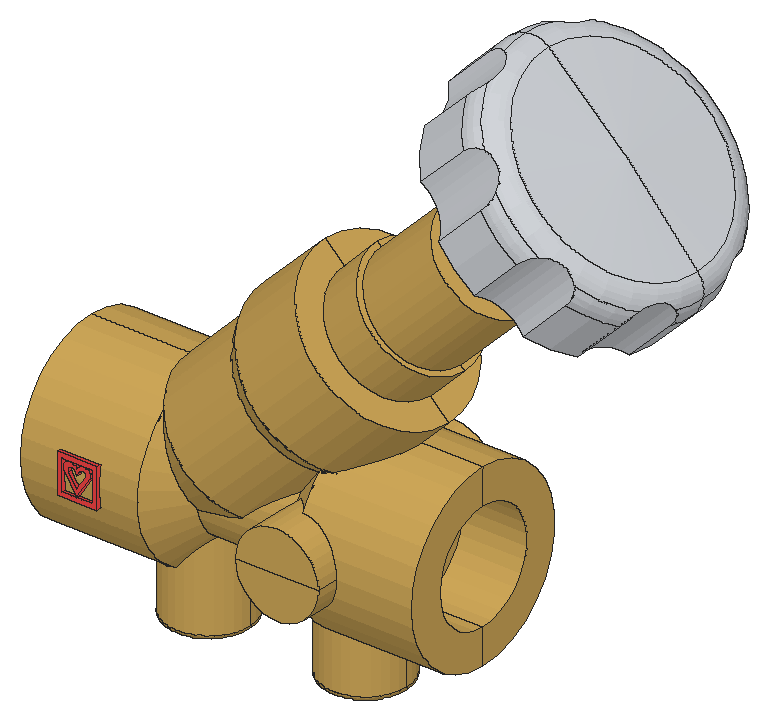
Revit family "HERZ Shut-off valve 4125 D", category Rohrzubehör, Revit 2021
Family settings
  Bemaßung runder Anschluss = Durchmesser verwenden
  Teiletyp = Unterbricht
  OmniClass-Nummer = 23.65.55.14
  OmniClass-Titel = Valves for Liquid Services
  Arbeitsebenenbasiert = Nein
  Immer vertikal = Ja
  Beim Laden mit Abzugskörper schneiden = Nein
  Gemeinsam genutzt = Nein
Parameters
  W01 = 45.00°  # constant formula
  Vorgabe-Ansicht = 0.000 mm
  URL = "www.herzvalves.com"
  Spindle = "brass CW617N\r"  # constant formula
  SW01 = 60.00°  # constant formula
  SCRNSEQ = "ARM;ARM_TYP=\"ABSV\";2"
  SCRNCODE = "05;07;02"  # constant formula
  S03 = 60.000 mm  # constant formula
  S02 [instance] = L06 + L09 + L12 + L15  # 113.800 mm
  S01 [instance] = R01 * 2  # 41.000 mm
  R12 [instance] = R01 - 1.000 mm  # 19.500 mm
  R11 [instance] = size_lookup("4125D_", "R11", 1.000 mm, Nennweite)  # 6.000 mm
  R100 = 1.000 mm  # constant formula
  R10 [instance] = size_lookup("4125D_", "R10", 1.000 mm, Nennweite)  # 9.000 mm
  R09 [instance] = size_lookup("4125D_", "R9", 1.000 mm, Nennweite)  # 12.750 mm
  R08 [instance] = size_lookup("4125D_", "R8", 1.000 mm, Nennweite)  # 14.000 mm
  R07 [instance] = size_lookup("4125D_", "R7", 1.000 mm, Nennweite)  # 20.000 mm
  R06 [instance] = size_lookup("4125D_", "R6", 1.000 mm, Nennweite)  # 17.750 mm
  R05 [instance] = Nennweite / 2  # 12.500 mm
  R04 [instance] = size_lookup("4125D_", "R4", 1.000 mm, Nennweite)  # 9.500 mm
  R03 = 9.500 mm  # constant formula
  R02 [instance] = Nennweite / 2  # 12.500 mm
  R01 [instance] = size_lookup("4125D_", "R1", 1.000 mm, Nennweite)  # 20.500 mm
  Upper part = "DZR brass CW602N"  # constant formula
  Part number [instance] = size_lookup("4125D_", "Artnr", 0, Nennweite)  # 1412563
  Nennweite [instance] = 25.000 mm
  Model = "STRÖMAX-D shut-off valve, inclined model, brass version, socket x socket,\r\nwith long threaded sockets, non-rising spindle,\r\nspindle sealing by means of elastic double-O-ring."
  Medium = "Heating water according ÖNORM H5195 or VDI- Standard 2035.\r\nThe use of ethylene- or propylene glycol in a mixing ratio 25- 50% is allowed."
  Max. differential pressure on closed seat = 1000000.0 Pa  # constant formula
  Max. operating temperature = 110 °C  # constant formula
  Max. operating pressure = 2000000.0 Pa  # constant formula
  L16 [instance] = L01 / 2  # 13.500 mm
  L15 [instance] = size_lookup("4125D_", "L15", 1.000 mm, Nennweite)  # 12.400 mm
  L14 [instance] = size_lookup("4125D_", "L14", 1.000 mm, Nennweite)  # 12.000 mm
  L12 [instance] = size_lookup("4125D_", "L12", 1.000 mm, Nennweite)  # 43.400 mm
  L11 [instance] = size_lookup("4125D_", "L11", 1.000 mm, Nennweite)  # 22.400 mm
  L10 [instance] = size_lookup("4125D_", "L10", 1.000 mm, Nennweite)  # 11.000 mm
  L09 [instance] = size_lookup("4125D_", "L9", 1.000 mm, Nennweite)  # 19.500 mm
  L08 [instance] = size_lookup("4125D_", "L8", 1.000 mm, Nennweite)  # 34.000 mm
  L07 [instance] = size_lookup("4125D_", "L7", 1.000 mm, Nennweite)  # 18.000 mm
  L06 [instance] = size_lookup("4125D_", "L6", 1.000 mm, Nennweite) - L09  # 38.500 mm
  L05 [instance] = size_lookup("4125D_", "L5", 1.000 mm, Nennweite)  # 25.500 mm
  L04 [instance] = size_lookup("4125D_", "L4", 1.000 mm, Nennweite)  # 25.500 mm
  L03 = 15.000 mm  # constant formula
  L02 [instance] = size_lookup("4125D_", "L2", 1.000 mm, Nennweite)  # 11.000 mm
  L01 [instance] = size_lookup("4125D_", "L1", 1.000 mm, Nennweite)  # 27.000 mm
  L00 [instance] = size_lookup("4125D_", "L", 1.000 mm, Nennweite)  # 90.000 mm
  Cone = "DZR brass CW602N"  # constant formula
  Hersteller = "HERZ Armaturen Ges.m.b.H."  # constant formula
  Hand wheel = "Polyamide"  # constant formula
  H01 [instance] = size_lookup("4125D_", "H1", 1.000 mm, Nennweite)  # 32.000 mm
  Sealing = "EPDM"  # constant formula
  DN80 [instance] = Nennweite = 80.000 mm  # no
  DN65 [instance] = Nennweite = 65.000 mm  # no
  DN50 [instance] = Nennweite = 50.000 mm  # no
  DN40 [instance] = Nennweite = 40.000 mm  # no
  DN32 [instance] = Nennweite = 32.000 mm  # no
  DN25-DN80 [instance] = or(Nennweite = 25.000 mm, Nennweite = 32.000 mm, Nennweite = 40.000 mm, Nennweite = 50.000 mm, Nennweite = 65.000 mm, Nennweite = 80.000 mm)  # yes
  DN25 [instance] = Nennweite = 25.000 mm  # yes
  DN20 [instance] = Nennweite = 20.000 mm  # no
  DN15 [instance] = Nennweite = 15.000 mm  # no
  Body = "casted DZR brass CC752S"  # constant formula
  Application = "Reliable shutting of pipes in heating and cooling systems."
Reference planes
  plane 1 "Mitte (Vorne/hinten)": y = 0
  plane 2: z = 0
  plane 3 "Mitte (Links/rechts)": x = 0
Forms (mm)
  Revolve 1, solid, material "Messing, weicher Gelbton, geschweißt", detail levels fine
    sketch origin (470, 0, 0) x (1, 0, 0) y (0, 0, 1)
      loop
        line (-515, 12.5) -> (-500, 12.5) -> (-500, 0) -> (-440, 0) -> (-440, 12.5) -> (-425, 12.5) -> (-425, 20.5) -> (-452, 20.5) -> (-459, 12.5) -> (-481, 12.5) -> (-488, 20.5) -> (-515, 20.5) -> (-515, 12.5)
      axis (-515, 0) -> (-425, 0)
    angle from 0 to 360
  Revolve 2, solid, material "Messing, weicher Gelbton, geschweißt", detail levels fine
    sketch origin (470, 0, 0) x (1, 0, 0) y (0, 0, 1)
      loop
        line (-497.5, 0) -> (-497.5, -31)
        arc (-497.5, -31) -> (-497.207, -31.707) -> (-496.5, -32) r 1
        line (-496.5, -32) -> (-488, -32) -> (-488, 0) -> (-497.5, 0)
      axis (-488, 0) -> (-488, -32)
    angle from 0 to 360
  Revolve 3, solid, material "Messing, weicher Gelbton, geschweißt", detail levels fine
    sketch origin (0, 0, 0) x (1, 0, 0) y (0, 1, 0)
      loop
        line (18, -25.5) -> (27.5, -25.5) -> (27.5, 25.5) -> (18, 25.5) -> (18, -25.5)
      axis (18, -25.5) -> (18, 25.5)
    angle from 0 to 360
  Revolve 4, solid, material "Messing, weicher Gelbton, geschweißt", visible <- "DN25-DN80", detail levels fine
    sketch origin (-470, 0, 0) x (-1, 0, 0) y (0, 0, 1)
      loop
        line (-497.5, 0) -> (-497.5, -31)
        arc (-497.5, -31) -> (-497.207, -31.707) -> (-496.5, -32) r 1
        line (-496.5, -32) -> (-488, -32) -> (-488, 0) -> (-497.5, 0)
      axis (-488, 0) -> (-488, -32)
    angle from 0 to 360
  Revolve 5, solid, material "Messing, weicher Gelbton, geschweißt", detail levels fine
    sketch origin (0.32, 0, -0.105) x (1, 0, 0) y (0, 0, 1)
      loop
        line (-18.32, 0) -> (62.149, 80.469) -> (57.906, 84.711) -> (49.138, 75.943) -> (47.017, 78.065) -> (39.946, 70.994) -> (37.294, 73.645) -> (21.455, 57.806) -> (20.571, 58.69) -> (12.793, 50.912) -> (8.55, 55.154) -> (-5.239, 41.366) -> (-6.83, 36.593) -> (-22.386, 21.036) -> (-27.159, 8.839) -> (-18.32, 0)
      axis (-18.32, 0) -> (62.149, 80.469)
    angle from 0 to 360
Lines and regions (mm)
  model lines, detail levels coarse+medium
    curve 1: line (-45, 0, 20.5) -> (-45, 0, -20.5)
    curve 2: line (-45, 0, -20.5) -> (45, 0, 20.5)
    curve 3: line (45, 0, 20.5) -> (45, 0, -20.5)
    curve 4: line (45, 0, -20.5) -> (-45, 0, 20.5)
    curve 5: line (0, 0, 0) -> (56.9, 0, 98.554)
    curve 6: line (30.919, 0, 113.554) -> (82.881, 0, 83.554)
    curve 7: line (-45, -20.5, 0) -> (-45, 20.5, 0)
    curve 8: line (-45, 20.5, 0) -> (45, -20.5, 0)
    curve 9: line (45, -20.5, 0) -> (45, 20.5, 0)
    curve 10: line (45, 20.5, 0) -> (-45, -20.5, 0)
    curve 11: line (0, 0, 0) -> (56.9, 98.554, 0)
    curve 12: line (30.919, 113.554, 0) -> (82.881, 83.554, 0)
Dimensions and locks
  "H01": plane 2 to Revolve 2 sketch curve
  "L00": Revolve 1 sketch curve to Revolve 1 sketch curve
  equal spacing: Revolve 1 sketch curve, plane 3 "Mitte (Links/rechts)", Revolve 1 sketch curve
  "R01": Revolve 1 sketch curve to Revolve 1 sketch curve  (x2)
  "R02": Revolve 1 sketch curve to Revolve 1 sketch curve  (x3)
  "L01": Revolve 1 sketch curve to Revolve 1 sketch curve  (x2)
  "L02": plane 3 "Mitte (Links/rechts)" to Revolve 1 sketch curve
  "L02": Revolve 1 sketch curve to plane 3 "Mitte (Links/rechts)"
  "L03": Revolve 1 sketch curve to Revolve 1 sketch curve  (x2)
  "L01": Revolve 1 to Revolve 2 sketch curve
  "R03": Revolve 2 sketch curve to Revolve 2 sketch curve
  "L01": Revolve 4 sketch curve to Revolve 1
  "R03": Revolve 4 sketch curve to Revolve 4 sketch curve
  "H01": plane 2 to Revolve 4 sketch curve
  "L04": Revolve 3 sketch curve to plane 1 "Mitte (Vorne/hinten)"
  "L05": plane 1 "Mitte (Vorne/hinten)" to Revolve 3 sketch curve
  "R04": Revolve 3 sketch curve to Revolve 3 sketch curve
  "L01": Revolve 3 sketch curve to Revolve 1
  "R07": Revolve 5 sketch curve to Revolve 5 sketch curve
  "L07": plane 3 "Mitte (Links/rechts)" to Revolve 5 sketch curve
  "R05": Revolve 5 sketch curve to Revolve 5 sketch curve
  "L06": Revolve 5 sketch curve to Revolve 5 sketch curve
  "L08": Revolve 5 sketch curve to Revolve 5 sketch curve
  "R06": Revolve 5 sketch curve to Revolve 5 sketch curve
  "L14": Revolve 5 sketch curve to Revolve 5 sketch curve
  "L09": Revolve 5 sketch curve to Revolve 5 sketch curve
  "R08": Revolve 5 sketch curve to Revolve 5 sketch curve
  "L10": Revolve 5 sketch curve to Revolve 5 sketch curve
  "R09": Revolve 5 sketch curve to Revolve 5 sketch curve
  "R10": Revolve 5 sketch curve to Revolve 5 sketch curve
  "L12": Revolve 5 sketch curve to Revolve 5 sketch curve
  "R11": Revolve 5 sketch curve to Revolve 5 sketch curve
  "L15": Revolve 5 sketch curve to Revolve 5 sketch curve
  "L11": Revolve 5 sketch curve to Revolve 5 sketch curve
  "R12": nested 9 to plane 1 "Mitte (Vorne/hinten)"
  "L16": Revolve 1 to nested 9
  equal spacing: curve 1, plane 3 "Mitte (Links/rechts)", curve 3
  "L00": curve 1 to curve 3
  equal spacing: curve 4, plane 2, curve 2
  "S01": curve 4 to curve 1
  "S01": curve 3 to curve 4
  equal spacing: curve 3, plane 2, curve 4
  "S02": curve 5 to curve 5
  equal spacing: curve 6, curve 5, curve 6
  "S03": curve 6 to curve 6
  equal spacing: curve 7, plane 3 "Mitte (Links/rechts)", curve 9
  "L00": curve 7 to curve 9
  equal spacing: curve 10, plane 1 "Mitte (Vorne/hinten)", curve 8
  "S01": curve 8 to curve 10
  equal spacing: curve 9, plane 1 "Mitte (Vorne/hinten)", curve 10
  "S01": curve 10 to curve 9
  "S02": curve 11 to curve 11
  equal spacing: curve 12, curve 11, curve 12
  "S03": curve 12 to curve 12
  "R100": radius of Revolve 2 sketch curve
  "R100": radius of Revolve 4 sketch curve
  "W01": angle plane 2 to Revolve 5 sketch curve
  "W01": angle level to Revolve 5 sketch curve
  "SW01": angle plane 2 to curve 5
  "SW01": angle plane 1 "Mitte (Vorne/hinten)" to curve 11
  aligned and locked: level to plane 2
Automatic sketch dimensions
  curve 5 to level = 0.000 mm
  plane 1 "Mitte (Vorne/hinten)" to curve 11 = 0.000 mm
  Revolve 1 sketch curve to level = 0.000 mm  (x2)
  Revolve 1 sketch curve to Revolve 1 sketch curve = 791.990 mm
  Revolve 1 sketch curve to Revolve 1 sketch curve = 2278.983 mm
  Revolve 2 sketch curve to level = 0.000 mm  (x2)
  Revolve 2 sketch curve to Revolve 2 sketch curve = 0.000 mm
  Revolve 2 sketch curve to Revolve 2 sketch curve = 0.292 mm
  Revolve 3 sketch curve to Revolve 3 sketch curve = 0.000 mm  (x3)
  Revolve 4 sketch curve to level = 0.000 mm  (x2)
  Revolve 4 sketch curve to Revolve 4 sketch curve = 0.000 mm
  Revolve 4 sketch curve to Revolve 4 sketch curve = 0.292 mm
  Revolve 5 sketch curve to level = 0.105 mm
  Revolve 5 sketch curve to Revolve 5 sketch curve = 0.000 mm  (x2)
Nested families
  nested 1: "Strömax-Handrad_Schrägsitz" at (42.584, 0, 54.979), visible <- "DN15", type "Strömax-Handrad_Schrägsitz", detail levels fine
    with Nennweite 0.000 mm, Gewicht 0.00 kg, Bestellnummer 0
  nested 2: "Strömax-Handrad_Schrägsitz" at (54.312, 0, 67.707), visible <- "DN20", type "Strömax-Handrad_Schrägsitz", detail levels fine
    with Nennweite 0.000 mm, Gewicht 0.00 kg, Bestellnummer 0
  nested 3: "Strömax-Handrad_Schrägsitz" at (62.469, 0, 80.364), visible <- "DN25", type "Strömax-Handrad_Schrägsitz", detail levels fine
    with Nennweite 0.000 mm, Gewicht 0.00 kg, Bestellnummer 0
  nested 4: "Strömax-Handrad_Schrägsitz" at (71.712, 0, 91.607), visible <- "DN32", type "Strömax-Handrad_Schrägsitz", detail levels fine
    with Nennweite 0.000 mm, Gewicht 0.00 kg, Bestellnummer 0
  nested 5: "Strömax-Handrad_Schrägsitz" at (80.399, 0, 101.294), visible <- "DN40", type "Strömax-Handrad_Schrägsitz", detail levels fine
    with Nennweite 0.000 mm, Gewicht 0.00 kg, Bestellnummer 0
  nested 6: "Strömax-Handrad_Schrägsitz" at (97.83, 0, 129.225), visible <- "DN50", type "Strömax-Handrad_Schrägsitz", detail levels fine
    with Nennweite 0.000 mm, Gewicht 0.00 kg, Bestellnummer 0
  nested 7: "Strömax-Handrad_Schrägsitz" at (114.482, 0, 149.378), visible <- "DN65", type "Strömax-Handrad_Schrägsitz", detail levels fine
    with Nennweite 0.000 mm, Gewicht 0.00 kg, Bestellnummer 0
  nested 8: "Strömax-Handrad_Schrägsitz" at (140.423, 0, 183.319), visible <- "DN80", type "Strömax-Handrad_Schrägsitz", detail levels fine
    with Nennweite 0.000 mm, Gewicht 0.00 kg, Bestellnummer 0
  nested 9: "Herz-Logo-vorne" at (-31.5, -20.232, 0) x (0, 1, 0) z (0, 0, 1), type "Herz-Logo-vorne", detail levels fine
Connectors
  piping at (-30, 0, 0), diameter 25, driven by "Nennweite"
    settings: on Revolve 1, index 1, connector inside diameter 609.6 mm, connector length 0.000 mm, flow factor 0, pipe flow 0.0 L/s, pressure drop 0.0 Pa, fitting loss kfactor 0, connector angle 0.00°, fixture units 0, engagement length 0.000 mm, angle of deflection 0.00°, flow configuration 0, flow direction 1, fitting loss method 0, system type 29, joint type 0, gender type 0, connector reference index -1, connector utility 0, adjustable connector no, is connector primary yes, connector description ""
  piping at (30, 0, 0), diameter 25, driven by "Nennweite"
    settings: on Revolve 1, index 2, connector inside diameter 609.6 mm, connector length 0.000 mm, flow factor 0, pipe flow 0.0 L/s, pressure drop 0.0 Pa, fitting loss kfactor 0, connector angle 0.00°, fixture units 0, engagement length 0.000 mm, angle of deflection 0.00°, flow configuration 0, flow direction 2, fitting loss method 0, system type 29, joint type 0, gender type 0, connector reference index -1, connector utility 0, adjustable connector no, is connector primary no, connector description ""
Definition of nested family "Strömax-Handrad_Schrägsitz"
  Parameters (values of type "Strömax-Handrad_Schrägsitz")
    Default Elevation = 0.000 mm
    URL = "www.herz-armaturen.at"
    Nennweite [instance] = 0.000 mm
    Manufacturer = "Herz Armaturen GmbH"  # constant formula
    Gewicht [instance] = 0.00 kg
    Bestellnummer [instance] = 0
  Reference planes
    plane 1 "Mitte (Vorne/hinten)": y = 0
    plane 2: z = 0
    plane 3 "Mitte (Links/rechts)": x = 0
  Forms (mm)
    Revolve 1, solid
      sketch origin (0, 0, 0) x (0.707107, 0, -0.707107) y (0.707107, 0, 0.707107)
        loop
          line (0, 0) -> (0, 22)
          arc (0, 22) -> (-12.15, 21.705) -> (-24.271, 20.819) r 250
          arc (-24.271, 20.819) -> (-26.831, 19.959) -> (-28.754, 18.063) r 6
          arc (-28.754, 18.063) -> (-29.682, 16.008) -> (-30, 13.776) r 8
          line (-30, 13.776) -> (-30, 0) -> (0, 0)
        axis (0, 22) -> (0, 0)
      angle from 0 to 360
    Extrusion 2, void
      sketch origin (0, 0, 0) x (0.707107, 0, -0.707107) y (0, 1, 0)
        loop
          circle (14.351, -34.645) r 10
      from 0 to 22
    Extrusion 3, void
      sketch origin (0, 0, 0) x (-0.707107, 0, 0.707107) y (0, -1, 0)
        loop
          circle (14.351, 34.645) r 10
      from 0 to 22
    Extrusion 4, void
      sketch origin (0, 0, 0) x (0, -1, 0) y (0.707107, 0, -0.707107)
        loop
          circle (14.351, 34.645) r 10
      from 0 to 22
    Extrusion 5, void
      sketch origin (0, 0, 0) x (0, 1, 0) y (-0.707107, 0, 0.707107)
        loop
          circle (14.351, -34.645) r 10
      from 0 to 22
    Extrusion 6, void
      sketch origin (0, 0, 0) x (0, -1, 0) y (0.707107, 0, -0.707107)
        loop
          circle (14.351, -34.645) r 10
      from 0 to 22
    Extrusion 7, void
      sketch origin (0, 0, 0) x (0, 1, 0) y (-0.707107, 0, 0.707107)
        loop
          circle (14.351, 34.645) r 10
      from 0 to 22
    Extrusion 8, void
      sketch origin (0, 0, 0) x (0.707107, 0, -0.707107) y (0, 1, 0)
        loop
          circle (14.351, 34.645) r 10
      from 0 to 22
    Extrusion 9, void
      sketch origin (0, 0, 0) x (-0.707107, 0, 0.707107) y (0, -1, 0)
        loop
          circle (14.351, -34.645) r 10
      from 0 to 22
  Cuts and joins
    Extrusion 2, Extrusion 3, Extrusion 4, Extrusion 5, Extrusion 6, Extrusion 7, Extrusion 8, Extrusion 9 cuts Revolve 1
  Dimensions and locks
    aligned and locked: level to plane 2
Definition of nested family "Herz-Logo-vorne"
  Parameters (values of type "Herz-Logo-vorne")
    Default Elevation = 0.000 mm
  Reference planes
    plane 1 "Mitte (Vorne/hinten)": y = 0
    plane 2: z = 0
    plane 3 "Mitte (Links/rechts)": x = 0
  Forms (mm)
    Extrusion 1, solid
      sketch origin (0.732, -0.018, 0.017) x (0, -1, 0) y (0, 0, 1)
        loop
          line (-0.018, -4.517) -> (4.482, -4.517) -> (4.482, 4.483) -> (-4.518, 4.483) -> (-4.518, -4.517) -> (-0.018, -4.517)
        loop
          line (-0.05, -3.48) -> (3.482, -3.48) -> (3.482, 3.483) -> (-3.518, 3.483) -> (-3.518, -3.48) -> (-0.05, -3.48)
        loop
          arc (-0.018, 2.383) -> (-1.543, 3.287) -> (-3.067, 2.383) r 1.738
          arc (-3.067, 2.383) -> (-3.191, 1.899) -> (-3.067, 1.415) r 1.009
          line (-3.067, 1.415) -> (-0.018, -3.281) -> (3.032, 1.415)
          arc (3.032, 1.415) -> (3.156, 1.899) -> (3.032, 2.383) r 1.009
          arc (3.032, 2.383) -> (1.507, 3.287) -> (-0.018, 2.383) r 1.738
        loop
          arc (1.885, 1.272) -> (2.005, 1.675) -> (1.885, 2.079) r 0.74
          arc (1.885, 2.079) -> (1.265, 2.416) -> (0.644, 2.079) r 0.74
          line (0.644, 2.079) -> (-0.018, 0.97) -> (-0.679, 2.079)
          arc (-0.679, 2.079) -> (-1.3, 2.416) -> (-1.921, 2.079) r 0.74
          arc (-1.921, 2.079) -> (-2.04, 1.675) -> (-1.921, 1.272) r 0.74
          line (-1.921, 1.272) -> (-0.018, -1.658) -> (1.885, 1.272)
      from 0 to 1.5
  Dimensions and locks
    aligned and locked: level to plane 2
